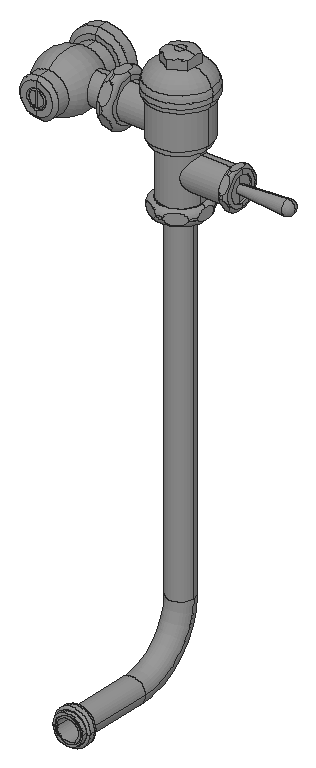
Revit family "LIXIL - FM1-100 N - COBRA FLUSH MASTER TOILET FLUSH VALVE", category Plumbing Fixtures, Revit 2023
Family settings
  Round Connector Dimension = Use Diameter
  Part Type = Normal
  OmniClass Number = 23.45.00.00
  OmniClass Title = Sanitary, Laundry, and Cleaning Equipment
  Work Plane-Based = No
  Enable Cutting in Views = No
  Always vertical = Yes
  Cut with Voids When Loaded = No
  Maintain Annotation Orientation = No
  Shared = Yes
  Room Calculation Point = No
Parameters (values of type "FM1-100 N")
  Product Specification = "Supplier: Lixil.\r\nProduct description: Exposed back entry. Non-hold open feature. With wall flange, integral vacuum breaker, and control stop with integral non-return valve inlet. Adjustable control stop to valve connection 108mm t0 140mm. With bent flush pipe and rubber pan connector. 1 1/4BSP female iron connection end. Recommended optimum design pressures: inlet flow pressure 30 - 300kPa for back entry WC pans: Maximum system pressure 600kPa.\r\nProduct Code: FFU1STFM-0GT01\r\nSKU Code: FM1-100/N\r\nBarcode: 6002194018599\r\nBrand: Cobra\r\nRange: Flush Master\r\nCategory: Flush Valves\r\nSub-Category: Toilets\r\nColour: Chrome\r\nPackage Height: 80 mm\r\nPackage Width: 230 mm\r\nPackage Length: 400 mm\r\nPackage Volume: 7360000 mm³\r\nPackage Weight: 3 kg\r\n\r\nNotes:\r\n- Refer to manufacturer's and supplier's installation, maintenance and cleaning manual.\r\n- Refer to manufacturer's and supplier's guarantees and warrantees document."
  M _ RUBBER _ BLACK _ SOFT = M _ LIXIL - RUBBER - BLACK 01
  M _ FLUSH VALVE BODY = M _ LIXIL - CHROME 01
  M _ FLUSH PIPE _ CHROME = M _ LIXIL - CHROME 01
  Hosted on lixil.co.za = "https://www.lixil.co.za/item/cobra-flush-master-valve-flush-toilet-chrome-10"
  HEIGHT - 125MM - 415MM MAX = 400 mm
  Description = "Cobra Flush Master Toilet Flush Valve to detail and spec. See sanware schedule. Available from Lixil."
  Default Elevation = 0 mm
  DEPTH - 70MM - 140MM MAX = 140 mm
Reference planes
  plane 1 "Center (Front/Back)": y = 0
  plane 2: z = 0
  plane 3 "Center (Left/Right)": x = 0
  plane 4 "Center L/S": y = -183.807
  plane 5: z = 400
  plane 6: z = 441.656
  plane 7 "Center L/U": y = -43.807
Dimensions and locks
  "DEPTH - 70MM - 140MM MAX": plane 4 "Center L/S" to plane 7 "Center L/U"
  "HEIGHT - 125MM - 415MM MAX": level to plane 5
  locked: plane 6 to plane 5 at 41.656
  plane 7 "Center L/U" to plane 1 "Center (Front/Back)" = 43.807 mm
  locked: connector elem to plane 6 at 40.309
  aligned and locked: level to plane 2
  aligned and locked: level to nested 2
  aligned and locked: nested 2 to plane 7 "Center L/U"
  aligned and locked: plane 1 "Center (Front/Back)" to nested 1
  aligned and locked: plane 5 to nested 3
Nested families
  nested 1: "PLACEHOLDER" at (12.052, 0, -12.7), H <- "HEIGHT - 125MM - 415MM MAX", D <- "DEPTH - 70MM - 140MM MAX", type "01", detail levels coarse
    with W 254.105 mm, H 400 mm, D 140 mm
  nested 2: "PIPE 01" at (0, -43.807, 0), type "01", detail levels medium+fine
    with HEIGHT - 125MM - 415MM MAX 400 mm
  nested 3: "BODY" at (0, -43.807, 400) x (-1, 0, 0) z (0, 0, 1), type "BODY", detail levels medium+fine
Connectors
  piping at (-107.969, 0, 481.965), diameter 15
    settings: index 2, connector inside diameter 609.6 mm, connector length 0 mm, flow factor 0, pipe flow 0.0 L/s, pressure drop 0.0 Pa, fitting loss kfactor 0, connector angle 0.00°, fixture units 0, engagement length 0 mm, angle of deflection 0.00°, flow configuration 0, flow direction 0, fitting loss method 0, system type 20, joint type 0, gender type 0, connector reference index -1, connector utility 0, adjustable connector no, is connector primary yes, connector description ""
Definition of nested family "PLACEHOLDER"
  Parameters (values of type "01")
    W [instance] = 260.392 mm
    H [instance] = 470.882 mm
    Default Elevation = 0 mm
    D [instance] = 240.391 mm
  Reference planes
    plane 1 "Center (Front/Back)": y = 0
    plane 2: z = 0
    plane 3 "Center (Left/Right)": x = 0
    plane 4: y = -240.391
    plane 5: x = -130.196
    plane 6: x = 130.196
    plane 7: z = 470.882
    plane 8: z = 629.482
    plane 9: y = -284.391
  Forms (mm)
    Extrusion 1, solid
      sketch origin (0, 0, 0) x (1, 0, 0) y (0, 1, 0)
        loop
          line (-130.196, 0) -> (-130.196, -284.391) -> (130.196, -284.391) -> (130.196, 0) -> (-130.196, 0)
      from 0 to 629.482
  Dimensions and locks
    "D": plane 4 to plane 1 "Center (Front/Back)"
    equal spacing: plane 5, plane 3 "Center (Left/Right)", plane 6
    "W": plane 5 to plane 6
    "H": plane 7 to level
    locked: plane 8 to plane 7 at 158.6
    locked: plane 9 to plane 4 at 44
    aligned and locked: level to plane 2
    aligned and locked: Extrusion 1 sketch curve to plane 5
    aligned and locked: Extrusion 1 sketch curve to plane 1 "Center (Front/Back)"
    aligned and locked: Extrusion 1 sketch curve to plane 6
    aligned and locked: Extrusion 1 to level
    aligned and locked: plane 8 to Extrusion 1
    aligned and locked: Extrusion 1 sketch curve to plane 9
Definition of nested family "PIPE 01"
  Parameters (values of type "Family1")
    RADIUS 01 = 60 mm
    M _ RUBBER _ BLACK _ SOFT = none
    M _ FLUSH PIPE _ CHROME = none
    HEIGHT - 125MM - 415MM MAX = 415 mm
    Default Elevation = 0 mm
    DEPTH - 70MM - 140MM MAX = 140 mm
  Reference planes
    plane 1 "Center (Front/Back)": y = 0
    plane 2: z = 0
    plane 3 "Center (Left/Right)": x = 0
    plane 4: z = 415
    plane 5: y = -140
  Forms (mm)
    Sweep 1, solid, material <- "M _ FLUSH PIPE _ CHROME"
      path origin (0, 0, 0) x (0, 1, 0) y (0, 0, 1)
        loop
          line (0, 415) -> (0, 60)
          arc (0, 60) -> (-17.574, 17.574) -> (-60, 0) r 60
          line (-60, 0) -> (-140, 0)
      profile origin (0, 0, 237.5) x (1, 0, 0) y (0, 1, 0)
        loop
          circle (0, 0) r 12.7
        loop
          circle (0, 0) r 10.7
  Dimensions and locks
    "DEPTH - 70MM - 140MM MAX": plane 1 "Center (Front/Back)" to plane 5
    "HEIGHT - 125MM - 415MM MAX": plane 4 to level
    "RADIUS 01": radius of Sweep 1 sketch curve
    aligned and locked: level to plane 2
    aligned and locked: plane 1 "Center (Front/Back)" to Sweep 1 sketch curve
    aligned and locked: level to Sweep 1 sketch curve
    aligned and locked: plane 5 to nested 1
    aligned and locked: plane 3 "Center (Left/Right)" to nested 1
  Automatic sketch dimensions
    Sweep 1 sketch curve to plane 3 "Center (Left/Right)" = 0 mm
    profile plane to Sweep 1 sketch curve = 0 mm
    Sweep 1 sketch curve to Sweep 1 sketch curve = 0 mm  (x2)
    Sweep 1 sketch curve to plane 5 = 0 mm
    Sweep 1 sketch curve to plane 4 = 0 mm
    radius of Sweep 1 sketch curve = 12.7 mm
    radius of Sweep 1 sketch curve = 10.7 mm
  Nested families
    nested 1: "RUBBER 02" at (0, -130.5, 0), type "01"
  Definition of nested family "RUBBER 02"
    Parameters (values of type "Family2")
      M _ RUBBER _ BLACK _ SOFT = none
      Default Elevation = 0 mm
    Reference planes
      plane 1 "Center (Front/Back)": y = 0
      plane 2: z = 0
      plane 3 "Center (Left/Right)": x = 0
      plane 4: y = 5.5
      plane 5: y = -5.5
      plane 6: z = 17.7
      plane 7: z = -17.7
    Forms (mm)
      Revolve 1, solid, material <- "M _ RUBBER _ BLACK _ SOFT"
        sketch origin (0, 5.5, 0) x (0, -1, 0) y (1, 0, 0)
          loop
            line (0, -12.7) -> (0, -13.504)
            arc (0, -13.504) -> (1.229, -16.471) -> (4.196, -17.7) r 4.196
            line (4.196, -17.7) -> (9, -17.7)
            arc (9, -17.7) -> (10.414, -17.114) -> (11, -15.7) r 2
            line (11, -15.7) -> (11, -14.7) -> (15, -14.7) -> (15, -12.7) -> (11, -12.7) -> (0, -12.7)
          axis (0, 0) -> (15, 0)
        angle from 0 to 360
    Dimensions and locks
      aligned and locked: level to plane 2
Definition of nested family "BODY"
  Parameters (values of type "BODY")
    M _ RUBBER _ BLACK _ SOFT = none
    M _ FLUSH VALVE BODY = none
    Default Elevation = 0 mm
  Reference planes
    plane 1 "Center (Front/Back)": y = 0
    plane 2: z = 0
    plane 3 "Center (Left/Right)": x = 0
    plane 4: z = 41.656
    plane 5: y = -115
    plane 6: y = -71
    plane 7: z = 81.871
    plane 8: x = -115
    plane 9: x = 108
  Forms (mm)
    Revolve 1, solid, material <- "M _ FLUSH VALVE BODY"
      sketch origin (0, 0, 0) x (1, 0, 0) y (0, 0, 1)
        loop
          line (0, 109.141) -> (-30, 109.141) -> (-30, 104.141) -> (-27.903, 104.141) -> (-27.903, 69.141) -> (-25.807, 69.141) -> (-25.807, 64.141) -> (-20, 64.141) -> (-20, 14.141) -> (0, 14.141) -> (0, 109.141)
        axis (0, 109.141) -> (0, 14.141)
      angle from 0 to 360
    Revolve 2, solid, material <- "M _ FLUSH VALVE BODY"
      sketch origin (0, 0, 218.282) x (1, 0, 0) y (0, 0, 1)
        loop
          line (0, -83.485) -> (-14.613, -83.485)
          arc (-14.613, -83.485) -> (-24.709, -88.263) -> (-30.92, -97.548) r 20.967
          line (-30.92, -97.548) -> (0, -97.548) -> (0, -83.485)
        axis (0, -97.548) -> (0, -83.485)
      angle from 0 to 360
    Extrusion 3, solid, material <- "M _ FLUSH VALVE BODY"
      sketch origin (0, 40, 71.777) x (-1, 0, 0) y (0, -1, 0)
        loop
          line (-14.289, 48.25) -> (-14.289, 31.75) -> (0, 23.5) -> (14.289, 31.75) -> (14.289, 48.25) -> (0, 56.5) -> (-14.289, 48.25)
      from 59.503 to 75.892
    Revolve 4, void
      sketch origin (-71, 0, 58.07) x (-1, 0, 0) y (0, 0, 1)
        loop
          line (-52.121, 83.392) -> (-52.121, 92.654) -> (-71, 92.654) -> (-71, 87.819) -> (-66, 87.819)
          arc (-66, 87.819) -> (-58.716, 86.686) -> (-52.121, 83.392) r 23.972
        axis (-71, 92.654) -> (-71, 83.392)
      angle from 0 to 360
    Revolve 5, solid, material <- "M _ FLUSH VALVE BODY"
      sketch origin (-29.742, 0, -95.834) x (-1, 0, 0) y (0, 0, 1)
        loop
          line (-29.742, 109.976) -> (-50.648, 109.976)
          arc (-50.648, 109.976) -> (-54.957, 108.19) -> (-56.742, 103.881) r 6.095
          line (-56.742, 103.881) -> (-56.742, 101.929)
          arc (-56.742, 101.929) -> (-54.957, 97.62) -> (-50.648, 95.834) r 6.095
          line (-50.648, 95.834) -> (-29.742, 95.834) -> (-29.742, 109.976)
        axis (-29.742, 109.976) -> (-29.742, 95.834)
      angle from 0 to 360
    Extrusion 6, void
      sketch origin (-282.166, -351.439, 0) x (0, 1, 0) y (-1, 0, 0)
        loop
          line (337.005, -257.166) -> (322.571, -282.166) -> (337.005, -307.166) -> (365.872, -307.166) -> (380.306, -282.166) -> (365.872, -257.166) -> (337.005, -257.166)
        loop
          circle (351.439, -282.166) r 34.38
      from 0 to 14.141
    Revolve 7, solid, material <- "M _ FLUSH VALVE BODY"
      sketch origin (160.361, 0, 52.128) x (0, 0, -1) y (-1, 0, 0)
        loop
          line (-29.742, 109.976) -> (-50.648, 109.976)
          arc (-50.648, 109.976) -> (-54.957, 108.19) -> (-56.742, 103.881) r 6.095
          line (-56.742, 103.881) -> (-56.742, 101.929)
          arc (-56.742, 101.929) -> (-56.016, 99.044) -> (-54.011, 96.846) r 6.095
          line (-54.011, 96.846) -> (-48.956, 93.502)
          arc (-48.956, 93.502) -> (-46.832, 92.506) -> (-44.511, 92.165) r 8.056
          line (-44.511, 92.165) -> (-29.742, 92.165) -> (-29.742, 109.976)
        axis (-29.742, 109.976) -> (-29.742, 92.165)
      angle from 0 to 360
    Extrusion 8, void
      sketch origin (64.527, -351.439, -200.295) x (0, 1, 0) y (0, 0, -1)
        loop
          line (337.005, -257.166) -> (322.571, -282.166) -> (337.005, -307.166) -> (365.872, -307.166) -> (380.306, -282.166) -> (365.872, -257.166) -> (337.005, -257.166)
        loop
          circle (351.439, -282.166) r 34.38
      from -6.019 to 14.141
    Revolve 9, solid, material <- "M _ FLUSH VALVE BODY"
      sketch origin (43.733, 0, 11.913) x (0, 0, -1) y (-1, 0, 0)
        loop
          line (-29.742, 102.005) -> (-42.559, 102.005) -> (-42.559, 104.271) -> (-46.535, 104.271)
          arc (-46.535, 104.271) -> (-48.656, 103.392) -> (-49.535, 101.271) r 3
          line (-49.535, 101.271) -> (-49.535, 98.834)
          arc (-49.535, 98.834) -> (-48.656, 96.713) -> (-46.535, 95.834) r 3
          line (-46.535, 95.834) -> (-29.742, 95.834) -> (-29.742, 102.005)
        axis (-29.742, 104.271) -> (-29.742, 95.834)
      angle from 0 to 360
    Extrusion 10, void
      sketch origin (-52.102, -351.439, -240.51) x (0, 1, 0) y (0, 0, -1)
        loop
          line (341.043, -264.16) -> (330.648, -282.166) -> (341.043, -300.171) -> (361.834, -300.171) -> (372.229, -282.166) -> (361.834, -264.16) -> (341.043, -264.16)
        loop
          circle (351.439, -282.166) r 24.761
      from 0 to 14.141
    Revolve 11, solid, material <- "M _ FLUSH VALVE BODY"
      sketch origin (-79.288, 0, 41.656) x (0, 0, -1) y (1, 0, 0)
        loop
          line (-16.296, 79.288) -> (-16.296, 27.209) -> (0, 27.209) -> (0, 79.288) -> (-16.296, 79.288)
        axis (0, 79.288) -> (0, 27.209)
      angle from 0 to 360
    Revolve 12, solid, material <- "M _ FLUSH VALVE BODY"
      sketch origin (-33.352, 0, 41.656) x (0, 0, -1) y (1, 0, 0)
        loop
          arc (-7.067, -73.104) -> (-4.997, -78.102) -> (0, -80.171) r 7.067
          line (0, -80.171) -> (0, -24.92) -> (-4.089, -24.92) -> (-7.067, -73.104)
        axis (0, -80.171) -> (0, -24.92)
      angle from 0 to 360
    Revolve 13, solid, material <- "M _ FLUSH VALVE BODY"
      sketch origin (-27.209, 0, 81.871) x (0, 0, -1) y (1, 0, 0)
        loop
          line (-17.271, 77.595) -> (-17.271, 27.209) -> (0, 27.209) -> (0, 77.595) -> (-17.271, 77.595)
        axis (0, 77.595) -> (0, 27.209)
      angle from 0 to 360
    Revolve 14, solid, material <- "M _ FLUSH VALVE BODY"
      sketch origin (40.989, 0, 81.871) x (0, 0, -1) y (1, 0, 0)
        loop
          line (-15, 63.558) -> (-15, 27.209) -> (0, 27.209) -> (0, 63.558) -> (-15, 63.558)
        axis (0, 63.558) -> (0, 27.209)
      angle from 0 to 360
    Revolve 15, solid, material <- "M _ FLUSH VALVE BODY"
      sketch origin (108, -535.223, 0) x (0, 1, 0) y (0, 0, 1)
        loop
          line (579.029, 81.871) -> (579.029, 111.871) -> (569.029, 111.871) -> (565.163, 106.349) -> (565.163, 101.349) -> (553.365, 101.349)
          arc (553.365, 101.349) -> (529.941, 110.215) -> (506.516, 101.349) r 35.376
          line (506.516, 101.349) -> (494.952, 101.349) -> (491.416, 97.813) -> (491.416, 91.871) -> (494.467, 91.871) -> (494.467, 90.215) -> (492.558, 90.215) -> (491.416, 89.073) -> (491.416, 81.871) -> (579.029, 81.871)
        axis (491.416, 81.871) -> (579.029, 81.871)
      angle from 0 to 360
    Revolve 16, solid, material <- "M _ RUBBER _ BLACK _ SOFT"
      sketch origin (0, 0, 218.282) x (1, 0, 0) y (0, 0, 1)
        loop
          line (0, -109.141) -> (0, -97.548) -> (-30.92, -97.548)
          arc (-30.92, -97.548) -> (-31.716, -100.802) -> (-31.983, -104.141) r 20.967
          line (-31.983, -104.141) -> (-31.983, -109.141) -> (0, -109.141)
        axis (0, -109.141) -> (0, -97.548)
      angle from 0 to 360
    Extrusion 17, void
      sketch origin (-1.09, 22.603, 0) x (1, 0, 0) y (0, 1, 0)
        loop
          line (108.34, -66.41) -> (109.84, -66.41) -> (109.84, -64.049) -> (108.34, -64.049) -> (108.34, -66.41)
      from 73.006 to 90.993
  Cuts and joins
    Revolve 4 cuts Extrusion 3
    joined: Revolve 1, Revolve 2, Extrusion 3
    Extrusion 6 cuts Revolve 5
    Extrusion 10 cuts Revolve 9
    Extrusion 8 cuts Revolve 7
    Extrusion 17 cuts Revolve 15
  Dimensions and locks
    plane 4 to level = 41.656 mm
    plane 5 to plane 1 "Center (Front/Back)" = 115 mm
    plane 3 "Center (Left/Right)" to plane 8 = 115 mm
    locked: plane 9 to plane 3 "Center (Left/Right)" at 108
    aligned and locked: level to plane 2
  Nested families
    nested 1: "COBRA LOGO _ FACE BASED" at (-0.409, 0.182, 145.889) x (-1, 0, 0) z (0, 0, 1), type "01"
  Definition of nested family "COBRA LOGO _ FACE BASED"
    Parameters (values of type "01")
      Default Elevation = 1219.2 mm
    Reference planes
      plane 1 "Center (Front/Back)": y = 0
      plane 2: z = 0
      plane 3 "Center (Left/Right)": x = 0
    Forms (mm)
      Extrusion 1, solid
        sketch origin (0, 0, 0) x (1, 0, 0) y (0, 1, 0)
          loop
            line (-1219.2, 1219.2) -> (-1219.2, -1219.2) -> (1219.2, -1219.2) -> (1219.2, 1219.2) -> (-1219.2, 1219.2)
        from 0 to -304.8
    Lines and regions (mm)
      model lines
        curve 1: arc (-0.413, 0.586, 0) -> (-2.269, -3.026, 0) -> (1.792, -3.004, 0) r 2.375
        curve 2: arc (-0.413, 1.371, 0) -> (-4.565, -4.073, 0) -> (1.792, -6.615, 0) r 4.299
        curve 3: arc (-0.513, -0.251, 0) -> (3.543, -0.053, 0) -> (1.494, 3.454, 0) r 2.375
        curve 4: arc (-1.193, -0.643, 0) -> (5.597, -1.517, 0) -> (4.62, 5.259, 0) r 4.299
        curve 5: arc (0.262, 0.08, 0) -> (-1.938, 3.494, 0) -> (-3.95, -0.034, 0) r 2.375
        curve 6: arc (0.941, -0.312, 0) -> (-1.697, 6.006, 0) -> (-7.077, 1.771, 0) r 4.299
        curve 7: arc (-0.413, 1.371, 0) -> (-4.565, -4.073, 0) -> (1.792, -6.615, 0) r 4.299
        curve 8: arc (-0.413, 0.586, 0) -> (-2.269, -3.026, 0) -> (1.792, -3.004, 0) r 2.375
        curve 9: arc (-1.193, -0.643, 0) -> (5.597, -1.517, 0) -> (4.62, 5.259, 0) r 4.299
        curve 10: arc (-0.513, -0.251, 0) -> (3.543, -0.053, 0) -> (1.494, 3.454, 0) r 2.375
        curve 11: arc (0.941, -0.312, 0) -> (-1.697, 6.006, 0) -> (-7.077, 1.771, 0) r 4.299
        curve 12: line (-0.413, 1.371, 0) -> (-0.413, 0.586, 0)
        curve 13: line (-0.413, 0.586, 0) -> (-0.413, 1.371, 0)
        curve 14: line (1.792, -3.004, 0) -> (1.792, -6.615, 0)
        curve 15: line (1.792, -6.615, 0) -> (1.792, -3.004, 0)
        curve 16: line (-1.193, -0.643, 0) -> (-0.513, -0.251, 0)
        curve 17: line (-0.513, -0.251, 0) -> (-1.193, -0.643, 0)
        curve 18: line (1.494, 3.454, 0) -> (4.62, 5.259, 0)
        curve 19: line (4.62, 5.259, 0) -> (1.494, 3.454, 0)
        curve 20: line (0.941, -0.312, 0) -> (0.262, 0.08, 0)
        curve 21: line (0.262, 0.08, 0) -> (0.941, -0.312, 0)
        curve 22: line (-3.95, -0.034, 0) -> (-7.077, 1.771, 0)
        curve 23: line (-7.077, 1.771, 0) -> (-3.95, -0.034, 0)
        curve 24: arc (0.262, 0.08, 0) -> (-1.938, 3.494, 0) -> (-3.95, -0.034, 0) r 2.375
    Dimensions and locks
      aligned and locked: plane 2 to Extrusion 1
      aligned and locked: level to Extrusion 1
